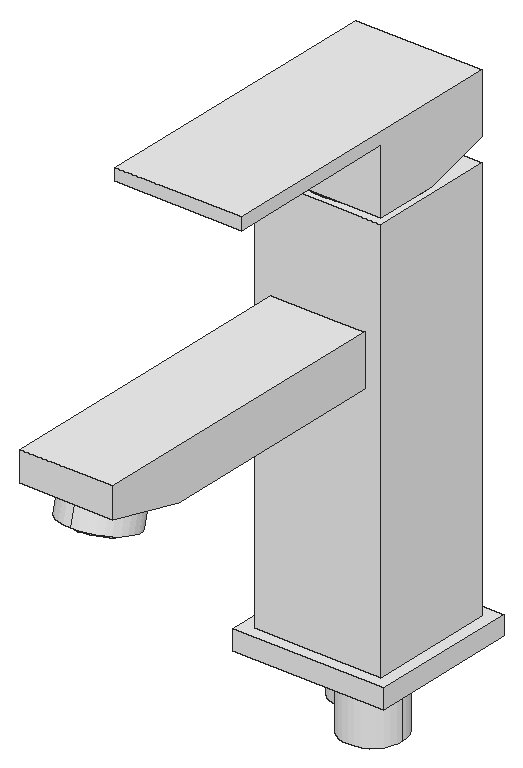
Revit family "Mixer-Basin-Caroma Quatro Solid1", category Plumbing Fixtures, host Face, Revit 2013
Parameters (values of type "Standard")
  Waste Connection = no
  Vent Connection = no
  URL = "http://www.caroma.com.au/"
  Type Comments = "Caroma Quatro Solid Basin Mixer"  # constant formula
  Model = "90715C6A"  # constant formula
  Material_ANZRS = Metal-Chrome-Caroma
  Manufacturer = "GWA Bathrooms & Kitchens"  # constant formula
  HWFU = 1.2  # constant formula
  HW Connection = yes
  Description = "WELS 6 Star rated, 4.5L/min"  # constant formula
  Default Elevation = 0 mm
  CreatedBy_ANZRS = "Design Content"  # constant formula
  CreatedByURL_ANZRS = "www.designcontent.com.au"
  Cost = 0
  Connector Radius = 10 mm
  CWFU = 1.2  # constant formula
  CW Connection = yes
  Assembly Code = "C1030210"
Reference planes
  plane 1 "Center (Front/Back)": y = 0
  plane 2: z = 0
  plane 3 "Center (Left/Right)": x = 0
Forms (mm)
  Extrusion 1, void
    sketch origin (0, 2.5, 2) x (0, 1, 0) y (0, 0, 1)
      loop
        line (-7.199, 140.225) -> (22.235, 140.225) -> (22.235, 148.214) -> (-7.199, 140.225)
    from -50 to 50
  Revolve 2, solid, material "Metal-Chrome-Caroma" <- "Material_ANZRS"
    sketch origin (0, -95.752, -92.948) x (0, 0.989074, -0.147421) y (0, 0.147421, 0.989074)
      loop
        line (-34.304, 171.991) -> (-33.605, 173.426) -> (-30.608, 173.111) -> (-29.766, 181.125) -> (-41.7, 182.38) -> (-42.699, 172.873) -> (-34.304, 171.991)
      axis (-42.699, 172.873) -> (-41.7, 182.38)
    angle from 0 to 360
  Extrusion 3, solid, material "Metal-Chrome-Caroma" <- "Material_ANZRS"
    sketch origin (14.2, 0, 0) x (1, 0, 0) y (0, 1, 0)
      loop
        circle (-7.071, -7.071) r 10
    from -20 to 0
  Extrusion 4, solid, material "Metal-Chrome-Caroma" <- "Material_ANZRS"
    sketch origin (-14.2, 0, 0) x (-1, 0, 0) y (0, -1, 0)
      loop
        circle (-7.071, -7.071) r 10
    from -20 to 0
  Extrusion 5, solid, material "Metal-Chrome-Caroma" <- "Material_ANZRS"
    sketch origin (0, 0, -119) x (1, 0, 0) y (0, 1, 0)
      loop
        line (21, -79) -> (21, -21) -> (-21, -21) -> (-21, -79) -> (21, -79)
    from 284.2 to 288.2
  Extrusion 6, solid, material "Metal-Chrome-Caroma" <- "Material_ANZRS"
    sketch origin (0, 0, -120) x (1, 0, 0) y (0, 1, 0)
      loop
        line (-15.5, 0) -> (-15.5, -125.475) -> (15.499, -125.475) -> (15.499, 0) -> (-15.5, 0)
    from 210.5 to 227.5
  Extrusion 7, void
    sketch origin (0, 50.5, -120) x (0, 1, 0) y (0, 0, 1)
      loop
        line (-184.759, 219.822) -> (-184.759, 196.758) -> (-144.759, 196.758) -> (-144.759, 209.494) -> (-184.759, 219.822)
    from -30 to 30
  Extrusion 8, solid, material "Metal-Chrome-Caroma" <- "Material_ANZRS"
    sketch origin (0, 0, 0) x (1, 0, 0) y (0, 1, 0)
      loop
        line (-25, 25) -> (-25, -25) -> (25, -25) -> (25, 25) -> (-25, 25)
    from 0 to 6.496
  Extrusion 9, solid, material "Metal-Chrome-Caroma" <- "Material_ANZRS"
    sketch origin (0, 0, 0) x (1, 0, 0) y (0, 1, 0)
      loop
        line (-21, 21) -> (-21, -21) -> (21, -21) -> (21, 21) -> (-21, 21)
    from 6.496 to 141.5
  Extrusion 10, solid, material "Metal-Chrome-Caroma" <- "Material_ANZRS"
    sketch origin (0, 0, -119) x (1, 0, 0) y (0, 1, 0)
      loop
        line (21, 21) -> (-21, 21) -> (-21, -21) -> (21, -21) -> (21, 21)
    from 262.5 to 288.2
  Revolve 11, solid, material "Metal-Chrome-Caroma" <- "Material_ANZRS", detail levels fine
    sketch origin (0, 0, -119) x (0, 1, 0) y (0, 0, 1)
      loop
        line (-21, 274.284) -> (-21, 278.776)
        arc (-21, 278.776) -> (-21.757, 278.721) -> (-22.273, 278.164) r 1.034
        arc (-22.273, 278.164) -> (-22.817, 276.258) -> (-23, 274.284) r 10.71
        line (-23, 274.284) -> (-21, 274.284)
      axis (-23, 274.284) -> (-21, 274.284)
    angle from 0 to 360
  Revolve 12, solid, material "Metal-Chrome-Caroma" <- "Material_ANZRS"
    sketch origin (0, 0, -119) x (0, 1, 0) y (0, 0, 1)
      loop
        arc (18.995, 260.5) -> (17.363, 268.413) -> (12.735, 275.035) r 20.004
        line (12.735, 275.035) -> (0, 275.035) -> (0, 260.5) -> (18.995, 260.5)
      axis (0, 275.035) -> (0, 260.5)
    angle from 0 to 360
Cuts and joins
  Extrusion 7 cuts Extrusion 6
  Extrusion 1 cuts Extrusion 10
  joined: Revolve 2, Extrusion 5, Extrusion 6, Extrusion 9, Extrusion 10, Revolve 12
Lines and regions (mm)
  Masking region 1
    outline origin (0, 0, 0) x (0, 1, 0) y (0, 0, 1)
      loop
        line (25, 0) -> (25, 6.496) -> (21, 6.496) -> (21, 141.5) -> (18.995, 141.5)
        arc (18.995, 141.5) -> (18.692, 144.967) -> (17.793, 148.329) r 20.004
        line (17.793, 148.329) -> (21, 149.2) -> (21, 169.2) -> (-79, 169.2) -> (-79, 165.2) -> (-21, 165.2) -> (-21, 143.5) -> (-18.894, 143.5)
        arc (-18.894, 143.5) -> (-18.97, 142.501) -> (-18.995, 141.5) r 20.004
        line (-18.995, 141.5) -> (-21, 141.5) -> (-21, 107.5) -> (-125.5, 107.5) -> (-125.5, 97.56) -> (-121.732, 96.587) -> (-123.747, 88.784) -> (-120.829, 88.031) -> (-120.676, 86.442) -> (-104.33, 82.222) -> (-103.427, 83.538) -> (-100.509, 82.784) -> (-98.517, 90.5) -> (-21, 90.5) -> (-21, 6.478) -> (-24.977, 6.478) -> (-24.977, 0) -> (25, 0)
  Masking region 2
    outline origin (0, 0, 0) x (1, 0, 0) y (0, 0, 1)
      loop
        line (-25, 0) -> (25, 0) -> (25, 6.496) -> (21, 6.496) -> (21, 141.5) -> (18.995, 141.5) -> (18.995, 143.5) -> (21, 143.5) -> (21, 169.2) -> (-21, 169.2) -> (-21, 143.5) -> (-18.995, 143.5) -> (-18.995, 141.5) -> (-21, 141.5) -> (-21, 6.496) -> (-25, 6.496) -> (-25, 0)
  Masking region 3
    outline origin (0, 0, 0) x (1, 0, 0) y (0, 1, 0)
      loop
        line (-25, 25) -> (-25, -25) -> (-21, -25) -> (-21, -79) -> (-15.5, -79) -> (-15.5, -125.475) -> (15.499, -125.475) -> (15.499, -79) -> (21, -79) -> (21, -25) -> (25, -25) -> (25, 25) -> (-25, 25)
  symbolic lines
    curve 1: line (-21, 0, 165.2) -> (21, 0, 165.2)
    curve 2: line (-21, 0, 143.5) -> (21, 0, 143.5)
    curve 3: line (21, 0, 141.5) -> (-21, 0, 141.5)
    curve 4: line (15.499, 0, 107.5) -> (-15.5, 0, 107.5)
    curve 5: line (-15.5, 0, 97.554) -> (15.499, 0, 97.554)
    curve 6: line (-15.5, 0, 107.5) -> (-15.5, 0, 90.5)
    curve 7: line (15.499, 0, 90.5) -> (15.499, 0, 107.5)
    curve 8: line (-15.5, 0, 90.5) -> (-12, 0, 90.5)
    curve 9: spline (12, 0, 93.587) -> (11.591, 0, 94.363) -> (10.392, 0, 95.087) -> (8.485, 0, 95.708) -> (6, 0, 96.185) -> (3.106, 0, 96.485) -> (0, 0, 96.587) -> (-3.106, 0, 96.485) -> (-6, 0, 96.185) -> (-8.485, 0, 95.708) -> (-10.392, 0, 95.087) -> (-11.591, 0, 94.363) -> (-12, 0, 93.587)
    curve 10: spline (-7.746, 0, 83.493) -> (-9.437, 0, 83.931) -> (-10.739, 0, 84.446) -> (-11.599, 0, 85.015) -> (-11.981, 0, 85.617) -> (-11.87, 0, 86.225) -> (-11.269, 0, 86.815) -> (-10.204, 0, 87.363) -> (-8.719, 0, 87.845) -> (-6.874, 0, 88.243) -> (-4.746, 0, 88.54) -> (-2.423, 0, 88.722) -> (0, 0, 88.784)
    curve 11: spline (0, 0, 88.784) -> (2.423, 0, 88.722) -> (4.746, 0, 88.54) -> (6.874, 0, 88.243) -> (8.719, 0, 87.845) -> (10.204, 0, 87.363) -> (11.269, 0, 86.815) -> (11.87, 0, 86.225) -> (11.981, 0, 85.617) -> (11.599, 0, 85.015) -> (10.739, 0, 84.446) -> (9.437, 0, 83.931) -> (7.746, 0, 83.493)
    curve 12: spline (0, 0, 82.222) -> (2.185, 0, 82.293) -> (4.221, 0, 82.504) -> (5.969, 0, 82.84) -> (7.31, 0, 83.277) -> (8.154, 0, 83.786) -> (8.441, 0, 84.332) -> (8.154, 0, 84.878) -> (7.31, 0, 85.387) -> (5.969, 0, 85.824) -> (4.221, 0, 86.159) -> (2.185, 0, 86.37) -> (0, 0, 86.442)
    curve 13: spline (0, 0, 86.442) -> (-2.185, 0, 86.37) -> (-4.221, 0, 86.159) -> (-5.969, 0, 85.824) -> (-7.31, 0, 85.387) -> (-8.154, 0, 84.878) -> (-8.441, 0, 84.332) -> (-8.154, 0, 83.786) -> (-7.31, 0, 83.277) -> (-5.969, 0, 82.84) -> (-4.221, 0, 82.504) -> (-2.185, 0, 82.293) -> (0, 0, 82.222)
    curve 14: spline (8.987, 0, 85.784) -> (8.68, 0, 86.366) -> (7.783, 0, 86.908) -> (6.355, 0, 87.373) -> (4.493, 0, 87.73) -> (2.326, 0, 87.954) -> (0, 0, 88.031) -> (-2.326, 0, 87.954) -> (-4.493, 0, 87.73) -> (-6.355, 0, 87.373) -> (-7.783, 0, 86.908) -> (-8.68, 0, 86.366) -> (-8.987, 0, 85.784)
    curve 15: line (25, 0, 6.496) -> (-25, 0, 6.496)
    curve 16: line (12, 0, 90.5) -> (15.499, 0, 90.5)
    curve 17: line (-12, 0, 85.784) -> (-12, 0, 93.587)
    curve 18: line (12, 0, 85.784) -> (12, 0, 93.587)
    curve 19: line (-8.987, 0, 85.784) -> (-8.441, 0, 84.332)
    curve 20: line (8.441, 0, 84.332) -> (8.987, 0, 85.784)
    curve 21: line (-21, 21, 0) -> (21, 21, 0)
    curve 22: line (-21, -79, 0) -> (-21, 21, 0)
    curve 23: line (21, -79, 0) -> (-21, -79, 0)
    curve 24: line (21, 21, 0) -> (21, -79, 0)
    curve 25: line (0, 17.793, 148.329) -> (0, -0.011, 143.5)
    curve 26: line (0, -21, 143.5) -> (0, -0.011, 143.5)
    curve 27: line (0, 21, 141.5) -> (0, -21, 141.5)
    curve 28: line (0, -98.154, 90.5) -> (0, -125.475, 97.554)
    curve 29: line (0, -100.506, 82.784) -> (0, -123.744, 88.784)
    curve 30: line (0, -21, 141.5) -> (0, -21, 6.496)
    curve 31: line (0, 21, 6.496) -> (0, -21, 6.496)
Dimensions and locks
  aligned and locked: plane 2 to host face
  aligned and locked: level to host face
Connectors
  piping at (7.129, -7.071, -20), driven by "Connector Radius", driven by "CWFU"
    settings: on Extrusion 3, index 3, connector radius 0.3937", flow factor 0, pipe flow 0 GPM, pressure drop 0.00 psi, fitting loss kfactor 0, connector angle 0.00°, fixture units 1.2, engagement length 0 mm, flow configuration 3, flow direction 1, fitting loss method 1, system type 20, joint type 0, gender type 0, connector reference index -1, connector utility 0, adjustable connector no, is connector primary yes, fitting loss table "Inward Projecting Pipe", connector description "Cold Inlet"
  piping at (-7.129, 7.071, -20), driven by "Connector Radius", driven by "HWFU"
    settings: on Extrusion 4, index 4, connector radius 0.3937", flow factor 0, pipe flow 0 GPM, pressure drop 0.00 psi, fitting loss kfactor 0, connector angle 0.00°, fixture units 1.2, engagement length 0 mm, flow configuration 3, flow direction 1, fitting loss method 1, system type 19, joint type 0, gender type 0, connector reference index -1, connector utility 0, adjustable connector no, is connector primary no, fitting loss table "Inward Projecting Pipe", connector description "Hot Inlet"
